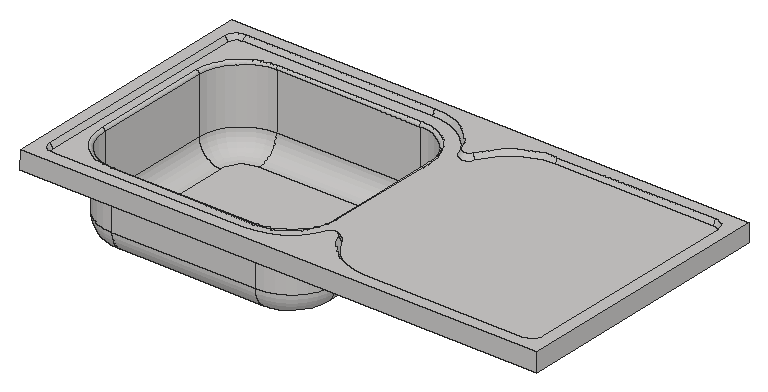
Revit family
Parameters (values of type "900 X 460")
  Waste Connection Diameter = 40 mm
  Width Of Bowl = 355 mm
  Waste Connection Radius = Waste Connection Diameter / 2  # 20 mm
  Waste Connection = 1 = 1  # yes
  WFU = 0
  Vent Connection = 1 = 0  # no
  URL = "http://www.autospec.co.za/browse.php?id=1937217983"
  Product Code = "SCO-900-SE"
  OmniClass Title = ""
  OmniClass Number = ""
  Modspec Classification = ""
  Specification = ""
  Material = Stainless Steel Grade 304
  Location (revit room) = ""
  Length Of Bowl = 400 mm
  HW Connection = 1 = 0  # no
  Description = ""
  Depth Of Bowl = 150 mm
  Colour = none
  CW Connection = 1 = 0  # no
  Body Finish = none
  Width = 460 mm
  Model = "Left Hand Sit-On Sink Single End Bowl SCO-900-SE"
  Manufacturer = "Kwikot"  # constant formula
  Length = 900 mm
  Assembly Code = "D2010410"
Reference planes
  plane 1 "Center (Front/Back)": y = 0
  plane 2 "Bottom": z = 0
  plane 3 "Center (Left/Right)": x = 0
  plane 4 "Right": x = 900
  plane 5 "Back": y = 460
  plane 6 "Top": z = 150
  plane 7: z = 118
  plane 8: x = 45
  plane 9: x = 445
  plane 10: y = 230
  plane 11: y = 407.5
  plane 12: y = 52.5
  plane 13: x = 245
  plane 14: z = 142
Forms (mm)
  Sweep 1, solid, material "Stainless Steel Grade 304" <- "Material"
    path origin (-60.109, -1524, 150) x (-1, 0, 0) y (0, -1, 0)
      loop
        line (-60.109, -1984) -> (-60.109, -1524) -> (-960.109, -1524) -> (-960.109, -1984) -> (-60.109, -1984)
    profile origin (450, 460, 150) x (0, 1, 0) y (0, 0, 1)
      loop
        line (-15, 0) -> (-15, -10.5) -> (-2.5, -10.5) -> (-2.5, -29.5) -> (-10, -29.5) -> (-10, -32) -> (0, -32) -> (0, 0) -> (-15, 0)
  Extrusion 2, solid, material "Stainless Steel Grade 304" <- "Material"
    sketch origin (-60.109, -1524, 150) x (-1, 0, 0) y (0, -1, 0)
      loop
        line (-75.109, -1539) -> (-945.109, -1539) -> (-945.109, -1969) -> (-75.109, -1969) -> (-75.109, -1539)
    from 0 to -10.5
  Extrusion 3, void
    sketch origin (-60.109, -1524, 150) x (0, -1, 0) y (-1, 0, 0)
      loop
        line (-1931.5, -180.109) -> (-1931.5, -430.109)
        arc (-1931.5, -430.109) -> (-1909.533, -483.142) -> (-1856.5, -505.109) r 75
        line (-1856.5, -505.109) -> (-1651.5, -505.109)
        arc (-1651.5, -505.109) -> (-1598.467, -483.142) -> (-1576.5, -430.109) r 75
        line (-1576.5, -430.109) -> (-1576.5, -180.109)
        arc (-1576.5, -180.109) -> (-1598.467, -127.076) -> (-1651.5, -105.109) r 75
        line (-1651.5, -105.109) -> (-1856.5, -105.109)
        arc (-1856.5, -105.109) -> (-1909.533, -127.076) -> (-1931.5, -180.109) r 75
    from 0 to 10.5
  Sweep 4, solid, material "Stainless Steel Grade 304" <- "Material"
    path origin (-60.109, -1524, 150) x (-1, 0, 0) y (0, -1, 0)
      loop
        arc (-180.109, -1931.5) -> (-127.076, -1909.533) -> (-105.109, -1856.5) r 75
        line (-105.109, -1856.5) -> (-105.109, -1651.5)
        arc (-105.109, -1651.5) -> (-127.076, -1598.467) -> (-180.109, -1576.5) r 75
        line (-180.109, -1576.5) -> (-430.109, -1576.5)
        arc (-430.109, -1576.5) -> (-483.142, -1598.467) -> (-505.109, -1651.5) r 75
        line (-505.109, -1651.5) -> (-505.109, -1856.5)
        arc (-505.109, -1856.5) -> (-483.142, -1909.533) -> (-430.109, -1931.5) r 75
        line (-430.109, -1931.5) -> (-180.109, -1931.5)
    profile origin (245, 407.5, 150) x (0, 1, 0) y (0, 0, 1)
      loop
        line (0, -10.5) -> (0, -110)
        arc (0, -110) -> (-10.983, -136.517) -> (-37.5, -147.5) r 37.5
        line (-37.5, -147.5) -> (-37.5, -150)
        arc (-37.5, -150) -> (-9.216, -138.284) -> (2.5, -110) r 40
        line (2.5, -110) -> (2.5, -10.5) -> (0, -10.5)
  Extrusion 5, solid, material "Stainless Steel Grade 304" <- "Material"
    sketch origin (0, 0, 0) x (1, 0, 0) y (0, 1, 0)
      loop
        arc (82.5, 127.5) -> (93.483, 100.983) -> (120, 90) r 37.5
        line (120, 90) -> (370, 90)
        arc (370, 90) -> (396.517, 100.983) -> (407.5, 127.5) r 37.5
        line (407.5, 127.5) -> (407.5, 332.5)
        arc (407.5, 332.5) -> (396.517, 359.017) -> (370, 370) r 37.5
        line (370, 370) -> (120, 370)
        arc (120, 370) -> (93.483, 359.017) -> (82.5, 332.5) r 37.5
        line (82.5, 332.5) -> (82.5, 127.5)
      loop
        circle (370, 230) r 20
    from 0 to 2.5
  Blend 6, void
    base sketch origin (0, 0, 150) x (-1, 0, 0) y (0, -1, 0)
      loop
        line (-20, -420) -> (-20, -40)
        arc (-20, -40) -> (-25.858, -25.858) -> (-40, -20) r 20
        line (-40, -20) -> (-370, -20)
        arc (-370, -20) -> (-428.699, -37.44) -> (-468.351, -84.103) r 107.5
        arc (-468.351, -84.103) -> (-477.5, -90.066) -> (-486.649, -84.103) r 10
        arc (-486.649, -84.103) -> (-526.301, -37.44) -> (-585, -20) r 107.5
        line (-585, -20) -> (-860, -20)
        arc (-860, -20) -> (-874.142, -25.858) -> (-880, -40) r 20
        line (-880, -40) -> (-880, -420)
        arc (-880, -420) -> (-874.142, -434.142) -> (-860, -440) r 20
        line (-860, -440) -> (-585, -440)
        arc (-585, -440) -> (-526.301, -422.56) -> (-486.649, -375.897) r 107.5
        arc (-486.649, -375.897) -> (-477.5, -369.934) -> (-468.351, -375.897) r 10
        arc (-468.351, -375.897) -> (-428.699, -422.56) -> (-370, -440) r 107.5
        line (-370, -440) -> (-40, -440)
        arc (-40, -440) -> (-25.858, -434.142) -> (-20, -420) r 20
    top sketch origin (0, 0, 150) x (-1, 0, 0) y (0, -1, 0)
      loop
        line (-25, -420) -> (-25, -40)
        arc (-25, -40) -> (-29.393, -29.393) -> (-40, -25) r 15
        line (-40, -25) -> (-370, -25)
        arc (-370, -25) -> (-425.968, -41.629) -> (-463.777, -86.121) r 102.5
        arc (-463.777, -86.121) -> (-477.5, -95.066) -> (-491.223, -86.121) r 15
        arc (-491.223, -86.121) -> (-529.032, -41.629) -> (-585, -25) r 102.5
        line (-585, -25) -> (-860, -25)
        arc (-860, -25) -> (-870.607, -29.393) -> (-875, -40) r 15
        line (-875, -40) -> (-875, -420)
        arc (-875, -420) -> (-870.607, -430.607) -> (-860, -435) r 15
        line (-860, -435) -> (-585, -435)
        arc (-585, -435) -> (-529.032, -418.371) -> (-491.223, -373.879) r 102.5
        arc (-491.223, -373.879) -> (-477.5, -364.934) -> (-463.777, -373.879) r 15
        arc (-463.777, -373.879) -> (-425.968, -418.371) -> (-370, -435) r 102.5
        line (-370, -435) -> (-40, -435)
        arc (-40, -435) -> (-29.393, -430.607) -> (-25, -420) r 15
    from 0 to -8
  Extrusion 7, solid, material "Stainless Steel Grade 304" <- "Material"
    sketch origin (0, 0, 0) x (1, 0, 0) y (0, 1, 0)
      loop
        circle (370, 230) r 20
    from 0 to -5
  Sweep 8, void
    path origin (-60.109, -1524, 150) x (-1, 0, 0) y (0, -1, 0)
      loop
        line (-430.109, -1931.5) -> (-180.109, -1931.5)
        arc (-180.109, -1931.5) -> (-127.076, -1909.533) -> (-105.109, -1856.5) r 75
        line (-105.109, -1856.5) -> (-105.109, -1651.5)
        arc (-105.109, -1651.5) -> (-127.076, -1598.467) -> (-180.109, -1576.5) r 75
        line (-180.109, -1576.5) -> (-430.109, -1576.5)
        arc (-430.109, -1576.5) -> (-483.142, -1598.467) -> (-505.109, -1651.5) r 75
        line (-505.109, -1651.5) -> (-505.109, -1856.5)
        arc (-505.109, -1856.5) -> (-483.142, -1909.533) -> (-430.109, -1931.5) r 75
    profile origin (245, 407.5, 150) x (0, -1, 0) y (0, 0, 1)
      loop
        line (0, -8) -> (-5, -8)
        arc (-5, -8) -> (-1.464, -9.464) -> (0, -13) r 5
        line (0, -13) -> (0, -8)
Cuts and joins
  Extrusion 3, Blend 6, Sweep 8 cuts Sweep 1
  Extrusion 3, Blend 6, Sweep 8 cuts Extrusion 2
  Blend 6, Sweep 8 cuts Sweep 4
  Blend 6, Sweep 8 cuts Extrusion 5
  Sweep 8 cuts Extrusion 7
  joined: Sweep 1, Extrusion 2, Sweep 4, Extrusion 5, Extrusion 7
Lines and regions (mm)
  symbolic lines
    curve 1: line (0, 460, 150) -> (0, 0, 150)
    curve 2: line (0, 0, 150) -> (900, 0, 150)
    curve 3: line (900, 0, 150) -> (900, 460, 150)
    curve 4: line (900, 460, 150) -> (0, 460, 150)
    curve 5: line (20, 40, 150) -> (20, 420, 150)
    curve 6: line (25, 420, 150) -> (25, 40, 150)
    curve 7: arc (20, 420, 150) -> (25.858, 434.142, 150) -> (40, 440, 150) r 20
    curve 8: arc (40, 435, 150) -> (29.393, 430.607, 150) -> (25, 420, 150) r 15
    curve 9: line (40, 440, 150) -> (370, 440, 150)
    curve 10: line (370, 435, 150) -> (40, 435, 150)
    curve 11: arc (370, 440, 150) -> (428.699, 422.56, 150) -> (468.351, 375.897, 150) r 107.5
    curve 12: arc (463.777, 373.879, 150) -> (425.968, 418.371, 150) -> (370, 435, 150) r 102.5
    curve 13: arc (468.351, 375.897, 150) -> (477.5, 369.934, 150) -> (486.649, 375.897, 150) r 10
    curve 14: arc (491.223, 373.879, 150) -> (477.5, 364.934, 150) -> (463.777, 373.879, 150) r 15
    curve 15: arc (486.649, 375.897, 150) -> (526.301, 422.56, 150) -> (585, 440, 150) r 107.5
    curve 16: arc (585, 435, 150) -> (529.032, 418.371, 150) -> (491.223, 373.879, 150) r 102.5
    curve 17: line (585, 440, 150) -> (860, 440, 150)
    curve 18: line (860, 435, 150) -> (585, 435, 150)
    curve 19: arc (860, 440, 150) -> (874.142, 434.142, 150) -> (880, 420, 150) r 20
    curve 20: arc (875, 420, 150) -> (870.607, 430.607, 150) -> (860, 435, 150) r 15
    curve 21: line (875, 40, 150) -> (875, 420, 150)
    curve 22: line (880, 420, 150) -> (880, 40, 150)
    curve 23: arc (880, 40, 150) -> (874.142, 25.858, 150) -> (860, 20, 150) r 20
    curve 24: arc (860, 25, 150) -> (870.607, 29.393, 150) -> (875, 40, 150) r 15
    curve 25: line (860, 20, 150) -> (585, 20, 150)
    curve 26: line (585, 25, 150) -> (860, 25, 150)
    curve 27: arc (585, 20, 150) -> (526.301, 37.44, 150) -> (486.649, 84.103, 150) r 107.5
    curve 28: arc (491.223, 86.121, 150) -> (529.032, 41.629, 150) -> (585, 25, 150) r 102.5
    curve 29: arc (463.777, 86.121, 150) -> (477.5, 95.066, 150) -> (491.223, 86.121, 150) r 15
    curve 30: arc (486.649, 84.103, 150) -> (477.5, 90.066, 150) -> (468.351, 84.103, 150) r 10
    curve 31: arc (468.351, 84.103, 150) -> (428.699, 37.44, 150) -> (370, 20, 150) r 107.5
    curve 32: arc (370, 25, 150) -> (425.968, 41.629, 150) -> (463.777, 86.121, 150) r 102.5
    curve 33: line (370, 20, 150) -> (40, 20, 150)
    curve 34: line (40, 25, 150) -> (370, 25, 150)
    curve 35: arc (40, 20, 150) -> (25.858, 25.858, 150) -> (20, 40, 150) r 20
    curve 36: arc (25, 40, 150) -> (29.393, 29.393, 150) -> (40, 25, 150) r 15
    curve 37: line (45, 332.5, 150) -> (45, 127.5, 150)
    curve 38: arc (120, 407.5, 150) -> (66.967, 385.533, 150) -> (45, 332.5, 150) r 75
    curve 39: line (370, 407.5, 150) -> (120, 407.5, 150)
    curve 40: arc (445, 332.5, 150) -> (423.033, 385.533, 150) -> (370, 407.5, 150) r 75
    curve 41: line (445, 127.5, 150) -> (445, 332.5, 150)
    curve 42: arc (370, 52.5, 150) -> (423.033, 74.467, 150) -> (445, 127.5, 150) r 75
    curve 43: line (120, 52.5, 150) -> (370, 52.5, 150)
    curve 44: arc (45, 127.5, 150) -> (66.967, 74.467, 150) -> (120, 52.5, 150) r 75
    curve 63: arc (390, 230, 150) -> (370, 210, 150) -> (350, 230, 150) r 20
    curve 64: arc (350, 230, 150) -> (370, 250, 150) -> (390, 230, 150) r 20
  model lines
    curve 45: line (855.771, 415, 142) -> (855.771, 45, 142)
    curve 46: arc (585, 415, 142) -> (526.664, 390.836, 142) -> (502.5, 332.5, 142) r 82.5
    curve 47: arc (502.5, 127.5, 142) -> (526.664, 69.164, 142) -> (585, 45, 142) r 82.5
    curve 48: line (502.5, 332.5, 142) -> (502.5, 127.5, 142)
    curve 49: line (585, 415, 142) -> (855.771, 415, 142)
    curve 50: line (585, 45, 142) -> (855.771, 45, 142)
    curve 51: line (855.771, 395, 142) -> (531.148, 395, 142)
    curve 52: line (855.771, 365, 142) -> (509.171, 365, 142)
    curve 53: line (855.771, 335, 142) -> (503.771, 335, 142)
    curve 54: line (855.771, 305, 142) -> (502.5, 305, 142)
    curve 55: line (855.771, 275, 142) -> (502.5, 275, 142)
    curve 56: line (855.771, 245, 142) -> (502.5, 245, 142)
    curve 57: line (855.771, 215, 142) -> (502.5, 215, 142)
    curve 58: line (855.771, 185, 142) -> (502.5, 185, 142)
    curve 59: line (855.771, 155, 142) -> (502.5, 155, 142)
    curve 60: line (855.771, 125, 142) -> (502.538, 125, 142)
    curve 61: line (855.771, 95, 142) -> (509.171, 95, 142)
    curve 62: line (855.771, 65, 142) -> (531.148, 65, 142)
Dimensions and locks
  "Length": plane 3 "Center (Left/Right)" to plane 4 "Right"
  "Width": plane 5 "Back" to plane 1 "Center (Front/Back)"
  "Depth Of Bowl": plane 6 "Top" to plane 2 "Bottom"
  equal spacing: plane 1 "Center (Front/Back)", plane 10, plane 5 "Back"
  "Length Of Bowl": plane 8 to plane 9
  "Width Of Bowl": plane 11 to plane 12
  equal spacing: plane 11, plane 10, plane 12
  equal spacing: plane 8, plane 13, plane 9
  plane 6 "Top" to plane 7 = 32 mm
  Sweep 1 sketch curve to plane 5 "Back" = 10 mm
  Sweep 1 sketch curve to plane 5 "Back" = 15 mm
  plane 6 "Top" to Sweep 1 sketch curve = 10.5 mm
  Sweep 1 sketch curve to plane 5 "Back" = 2.5 mm
  plane 7 to Sweep 1 sketch curve = 2.5 mm
  Extrusion 5 sketch curve to plane 9 = 75 mm
  plane 3 "Center (Left/Right)" to Blend 6 sketch curve = 20 mm
  Blend 6 sketch curve to plane 4 "Right" = 20 mm
  plane 5 "Back" to Blend 6 sketch curve = 20 mm
  plane 1 "Center (Front/Back)" to Blend 6 sketch curve = 20 mm
  var sketch to Blend 6 sketch curve = 5 mm  (x3)
  Blend 6 sketch curve to var sketch = 5 mm
  plane 6 "Top" to plane 14 = 8 mm
  plane 3 "Center (Left/Right)" to plane 8 = 45 mm
  radius of Extrusion 3 sketch curve = 75 mm  (x4)
  radius of Sweep 4 sketch curve = 37.5 mm
  radius of Sweep 4 sketch curve = 40 mm
  "Waste Connection Radius": radius of Extrusion 5 sketch curve
  radius of Blend 6 sketch curve = 20 mm  (x4)
  radius of Blend 6 sketch curve = 15 mm  (x6)
  radius of Blend 6 sketch curve = 107.5 mm  (x4)
  radius of Blend 6 sketch curve = 10 mm  (x2)
  radius of Blend 6 sketch curve = 102.5 mm  (x4)
  aligned and locked: level to plane 2 "Bottom"
  aligned and locked: Sweep 1 sketch curve to plane 5 "Back"
  aligned and locked: plane 3 "Center (Left/Right)" to Sweep 1 sketch curve
  aligned and locked: Sweep 1 sketch curve to plane 1 "Center (Front/Back)"
  aligned and locked: plane 4 "Right" to Sweep 1 sketch curve
  aligned and locked: Sweep 1 sketch curve to profile plane
  aligned and locked: plane 7 to Sweep 1 sketch curve
  aligned and locked: profile plane to Sweep 1 sketch curve
  aligned and locked: Extrusion 2 sketch curve to Sweep 1  (x4)
  aligned and locked: Sweep 1 to Extrusion 2
  aligned and locked: plane 6 "Top" to Extrusion 2
  aligned and locked: plane 11 to Extrusion 3 sketch curve
  aligned and locked: Extrusion 3 sketch curve to plane 8
  aligned and locked: Extrusion 3 sketch curve to plane 12
  aligned and locked: plane 9 to Extrusion 3 sketch curve
  aligned and locked: Sweep 1 to Extrusion 3
  aligned and locked: plane 6 "Top" to Extrusion 3
  aligned and locked: Sweep 4 sketch curve to cut or joined group of Sweep 1, Extrusion 2, Extrusion 3, Sweep 4, Extrusion 5, Blend 6, Extrusion 7, Sweep 8  (x5)
  aligned and locked: cut or joined group of Sweep 1, Extrusion 2, Extrusion 3, Sweep 4, Extrusion 5, Blend 6, Extrusion 7, Sweep 8 to Sweep 4 sketch curve
  aligned and locked: plane 2 "Bottom" to Sweep 4 sketch curve
  aligned and locked: Extrusion 5 sketch curve to cut or joined group of Sweep 1, Extrusion 2, Extrusion 3, Sweep 4, Extrusion 5, Blend 6, Extrusion 7, Sweep 8  (x4)
  aligned and locked: plane 10 to Extrusion 5 sketch curve
  aligned and locked: Blend 6 sketch curve to Blend 6 sketch curve  (x4)
  aligned and locked: curve 1 to cut or joined group of Sweep 1, Extrusion 2, Extrusion 3, Sweep 4, Extrusion 5, Blend 6, Extrusion 7, Sweep 8
  aligned and locked: curve 2 to cut or joined group of Sweep 1, Extrusion 2, Extrusion 3, Sweep 4, Extrusion 5, Blend 6, Extrusion 7, Sweep 8
  aligned and locked: curve 3 to cut or joined group of Sweep 1, Extrusion 2, Extrusion 3, Sweep 4, Extrusion 5, Blend 6, Extrusion 7, Sweep 8
  aligned and locked: curve 4 to cut or joined group of Sweep 1, Extrusion 2, Extrusion 3, Sweep 4, Extrusion 5, Blend 6, Extrusion 7, Sweep 8
  aligned and locked: curve 7 to cut or joined group of Sweep 1, Extrusion 2, Extrusion 3, Sweep 4, Extrusion 5, Blend 6, Extrusion 7, Sweep 8
  aligned and locked: curve 8 to cut or joined group of Sweep 1, Extrusion 2, Extrusion 3, Sweep 4, Extrusion 5, Blend 6, Extrusion 7, Sweep 8
  aligned and locked: curve 11 to cut or joined group of Sweep 1, Extrusion 2, Extrusion 3, Sweep 4, Extrusion 5, Blend 6, Extrusion 7, Sweep 8
  aligned and locked: curve 12 to cut or joined group of Sweep 1, Extrusion 2, Extrusion 3, Sweep 4, Extrusion 5, Blend 6, Extrusion 7, Sweep 8
  aligned and locked: curve 13 to cut or joined group of Sweep 1, Extrusion 2, Extrusion 3, Sweep 4, Extrusion 5, Blend 6, Extrusion 7, Sweep 8
  aligned and locked: curve 14 to cut or joined group of Sweep 1, Extrusion 2, Extrusion 3, Sweep 4, Extrusion 5, Blend 6, Extrusion 7, Sweep 8
  aligned and locked: curve 15 to cut or joined group of Sweep 1, Extrusion 2, Extrusion 3, Sweep 4, Extrusion 5, Blend 6, Extrusion 7, Sweep 8
  aligned and locked: curve 16 to cut or joined group of Sweep 1, Extrusion 2, Extrusion 3, Sweep 4, Extrusion 5, Blend 6, Extrusion 7, Sweep 8
  aligned and locked: curve 19 to cut or joined group of Sweep 1, Extrusion 2, Extrusion 3, Sweep 4, Extrusion 5, Blend 6, Extrusion 7, Sweep 8
  aligned and locked: curve 20 to cut or joined group of Sweep 1, Extrusion 2, Extrusion 3, Sweep 4, Extrusion 5, Blend 6, Extrusion 7, Sweep 8
  aligned and locked: curve 23 to cut or joined group of Sweep 1, Extrusion 2, Extrusion 3, Sweep 4, Extrusion 5, Blend 6, Extrusion 7, Sweep 8
  aligned and locked: curve 24 to cut or joined group of Sweep 1, Extrusion 2, Extrusion 3, Sweep 4, Extrusion 5, Blend 6, Extrusion 7, Sweep 8
  aligned and locked: curve 27 to cut or joined group of Sweep 1, Extrusion 2, Extrusion 3, Sweep 4, Extrusion 5, Blend 6, Extrusion 7, Sweep 8
  aligned and locked: curve 28 to cut or joined group of Sweep 1, Extrusion 2, Extrusion 3, Sweep 4, Extrusion 5, Blend 6, Extrusion 7, Sweep 8
  aligned and locked: curve 29 to cut or joined group of Sweep 1, Extrusion 2, Extrusion 3, Sweep 4, Extrusion 5, Blend 6, Extrusion 7, Sweep 8
  aligned and locked: curve 30 to cut or joined group of Sweep 1, Extrusion 2, Extrusion 3, Sweep 4, Extrusion 5, Blend 6, Extrusion 7, Sweep 8
  aligned and locked: curve 31 to cut or joined group of Sweep 1, Extrusion 2, Extrusion 3, Sweep 4, Extrusion 5, Blend 6, Extrusion 7, Sweep 8
  aligned and locked: curve 32 to cut or joined group of Sweep 1, Extrusion 2, Extrusion 3, Sweep 4, Extrusion 5, Blend 6, Extrusion 7, Sweep 8
  aligned and locked: curve 35 to cut or joined group of Sweep 1, Extrusion 2, Extrusion 3, Sweep 4, Extrusion 5, Blend 6, Extrusion 7, Sweep 8
  aligned and locked: curve 36 to cut or joined group of Sweep 1, Extrusion 2, Extrusion 3, Sweep 4, Extrusion 5, Blend 6, Extrusion 7, Sweep 8
  aligned and locked: curve 38 to cut or joined group of Sweep 1, Extrusion 2, Extrusion 3, Sweep 4, Extrusion 5, Blend 6, Extrusion 7, Sweep 8
  aligned and locked: curve 40 to cut or joined group of Sweep 1, Extrusion 2, Extrusion 3, Sweep 4, Extrusion 5, Blend 6, Extrusion 7, Sweep 8
  aligned and locked: curve 42 to cut or joined group of Sweep 1, Extrusion 2, Extrusion 3, Sweep 4, Extrusion 5, Blend 6, Extrusion 7, Sweep 8
  aligned and locked: curve 44 to cut or joined group of Sweep 1, Extrusion 2, Extrusion 3, Sweep 4, Extrusion 5, Blend 6, Extrusion 7, Sweep 8
  aligned and locked: Extrusion 7 sketch curve to cut or joined group of Sweep 1, Extrusion 2, Extrusion 3, Sweep 4, Extrusion 5, Blend 6, Extrusion 7, Sweep 8  (x2)
  aligned and locked: Sweep 8 sketch curve to cut or joined group of Sweep 1, Extrusion 2, Extrusion 3, Sweep 4, Extrusion 5, Blend 6, Extrusion 7, Sweep 8  (x4)
  aligned and locked: profile plane to Sweep 8 sketch curve
  aligned and locked: cut or joined group of Sweep 1, Extrusion 2, Extrusion 3, Sweep 4, Extrusion 5, Blend 6, Extrusion 7, Sweep 8 to Sweep 8 sketch curve
  aligned and locked: Blend 6 to Sweep 8
  aligned and locked: curve 63 to cut or joined group of Sweep 1, Extrusion 2, Extrusion 3, Sweep 4, Extrusion 5, Blend 6, Extrusion 7, Sweep 8
  aligned and locked: curve 64 to cut or joined group of Sweep 1, Extrusion 2, Extrusion 3, Sweep 4, Extrusion 5, Blend 6, Extrusion 7, Sweep 8
Automatic sketch dimensions
  Sweep 4 sketch curve to Sweep 4 sketch curve = 0 mm
  plane 9 to Blend 6 sketch curve = 41.649 mm  (x2)
  Blend 6 sketch curve to Blend 6 sketch curve = 0 mm  (x6)
  Blend 6 sketch curve to Blend 6 sketch curve = 18.298 mm
  Blend 6 sketch curve to Blend 6 sketch curve = 9.149 mm  (x2)
  Blend 6 sketch curve to Blend 6 sketch curve = 4.037 mm
  plane 9 to Blend 6 sketch curve = 46.223 mm  (x2)
  Blend 6 sketch curve to Blend 6 sketch curve = 13.723 mm  (x2)
  profile plane to Sweep 8 sketch curve = 5 mm
  Sweep 8 sketch curve to Sweep 8 sketch curve = 5 mm  (x2)
  Sweep 8 sketch curve to Sweep 8 sketch curve = 0 mm
  Sweep 8 sketch curve to profile plane = 0 mm
  plane 11 to curve 45 = 7.5 mm
  plane 4 "Right" to curve 45 = 44.229 mm
  curve 47 to plane 12 = 7.5 mm
  plane 9 to curve 47 = 140 mm
  plane 12 to curve 62 = 12.5 mm
  curve 50 to curve 62 = 53.852 mm
  curve 51 to plane 11 = 12.5 mm
  curve 46 to curve 51 = 53.852 mm
  curve 52 to curve 48 = 6.671 mm
  curve 61 to curve 48 = 6.671 mm
  curve 53 to curve 48 = 1.271 mm
  curve 60 to curve 48 = 0.038 mm
  curve 53 to curve 48 = 2.5 mm
  curve 46 to curve 54 = 27.5 mm
  curve 54 to curve 55 = 30 mm
  plane 10 to curve 56 = 15 mm
  curve 57 to plane 10 = 15 mm
  curve 57 to curve 58 = 30 mm
  curve 58 to curve 59 = 30 mm
Connectors
  piping at (370, 230, -5), driven by "Waste Connection Radius", driven by "WFU"
    settings: on cut or joined group of Sweep 1, Extrusion 2, Extrusion 3, Sweep 4, Extrusion 5, Blend 6, Extrusion 7, Sweep 8, index 1, connector radius 20 mm, flow factor 0, pipe flow 0.0 L/s, pressure drop 0.0 Pa, fitting loss kfactor 0, connector angle 0.00°, fixture units 0, flow configuration 3, flow direction 2, fitting loss method 4, system type 16, connector reference index -1, connector utility 0, adjustable connector no, is connector primary yes, fitting loss table "", connector description "Waste Connection"
